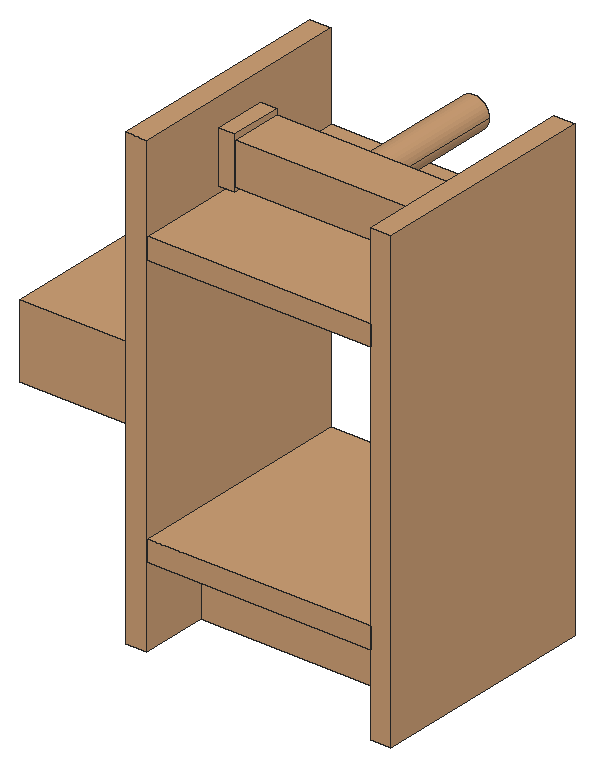
Revit family
Parameters
  Center Of Unit = 0' - 0"  # constant formula
  Water Pressure Drop [instance] = 0.00 psi
  Water Flow [instance] = 0 GPM
  Unit Weight (lbs) = 231
  URL = "http://www.ljwing.com/"
  Water Outlet Radius = 0' - 1 1/2"
  Water Outlet Odd sizes = 0' - 0"
  Total Heating Capacity [instance] = 0.0 Btu/h
  Temperature Rise [instance] = 0 °F
  Series = "VIFB"
  Outlet Area = 3.57 SF
  Number of Rows = 1  # constant formula
  Number of Coils [instance] = 0
  Nominal Length = 2' - 1 7/16"
  Model = "VA-2"
  Manufacturer = "LJ Wing"
  Leaving Water Temperature [instance] = 0 °F
  Leaving Air Temperature [instance] = 0 °F
  Face Velocity (FPM) [instance] = 0
  Entering Water Temperature [instance] = 0 °F
  Entering Air Temperature [instance] = 0 °F
  Description = "Vertical Integral Face & Bypass Water Heating Coils"
  Hot Water Odd Sizes = 0' - 0"
  Hot Water Inlet Offset = 0' - 4 3/8"  # constant formula
  Hot Water Inlet  Radius = 0' - 1 1/2"
  Coil Face Area = Outlet Area * 0.56  # 1.9992 SF
  Casing Material = ""
  Assembly Code = "D3020300"
  Air Pressure Drop [instance] = 0.00 in-wg
  Air Inlet Width = Nominal Length - 0' 4"  # 1' - 9 7/16"
  Air Inlet Height = Y  # 2' - 0"
  Air Flow [instance] = 0 CFM
  Z = 0' - 3 3/4"
  Y = 2' - 0"
  S = 0' - 9 3/4"
  Product URL = "http://www.ljwing.com/html/vifb.asp"
  OmniClass = "23-75 70 21 14"
  Nominal Height = 3' - 8"
  Nominal Depth = 1' - 10"
  R = 0' - 10 1/4"
  Q = 0' - 3 23/32"
  P = 0' - 5 1/8"
  L = 0' - 5 15/16"
Reference planes (in)
  plane 1 "Center (Front/Back)": y = 0
  plane 2: z = -12
  plane 3 "Center (Left/Right)": x = 0
  plane 4: z = 22.25
  plane 5: x = -12.71875
  plane 6: x = 12.71875
  plane 7: z = -21.75
  plane 8: z = 0
  plane 9: y = -11
  plane 10: y = 11
  plane 11: z = 12
  plane 12: z = 14
  plane 13: z = -14
  plane 14: x = 10.71875
  plane 15: x = -10.71875
  plane 16: z = 17.125
  plane 17: z = -15.8125
  plane 18: x = -9
  plane 19: x = 9
  plane 20: y = 14.75
  plane 21: y = 15.375
  plane 22: x = -23.71875
  plane 23: x = 0
  plane 24: x = 0
  plane 25: z = 19.125
  plane 26: z = 15.125
  plane 27: y = -2.5
  plane 28: y = 2.5
  plane 29: y = -4.5
Forms (in)
  Extrusion 1, solid, material "Painted Finish"
    sketch origin (0, 6, -9.75) x (1, 0, 0) y (0, 0, 1)
      loop
        line (-12.71875, -12) -> (-10.71875, -12) -> (-10.71875, 32) -> (-12.71875, 32) -> (-12.71875, -12)
      loop
        line (12.71875, -12) -> (12.71875, 32) -> (10.71875, 32) -> (10.71875, -12) -> (12.71875, -12)
    from -5 to 17
  Extrusion 2, solid, material "Painted Finish"
    sketch origin (0, 6, 0) x (1, 0, 0) y (0, 0, 1)
      loop
        line (10.71875, -12) -> (-10.71875, -12) -> (-10.71875, -14) -> (10.71875, -14) -> (10.71875, -12)
      loop
        line (10.71875, 12) -> (10.71875, 14) -> (-10.71875, 14) -> (-10.71875, 12) -> (10.71875, 12)
    from -5 to 17
  Extrusion 3, solid, material "Painted Finish"
    sketch origin (0, 10, -0.5) x (1, 0, 0) y (0, 0, 1)
      loop
        line (-12.71875, 4) -> (-23.71875, 4) -> (-23.71875, -3) -> (-12.71875, -3) -> (-12.71875, 4)
    from 0 to 20
  Extrusion 4, solid, material "Painted Finish"
    sketch origin (0, 6, 0) x (1, 0, 0) y (0, 0, 1)
      loop
        line (-9.09375, 19.125) -> (-9.09375, 15.125) -> (9.09375, 15.125) -> (9.09375, 19.125) -> (-9.09375, 19.125)
    from 3.5 to 8.5
  Extrusion 5, solid, material "Painted Finish"
    sketch origin (0, 0, 0) x (1, 0, 0) y (0, 0, 1)
      loop
        line (-9.09375, 14.625) -> (-9.09375, 19.625) -> (-10.71875, 19.625) -> (-10.71875, 14.625) -> (-9.09375, 14.625)
      loop
        line (10.71875, 14.625) -> (10.71875, 19.625) -> (9.09375, 19.625) -> (9.09375, 14.625) -> (10.71875, 14.625)
    from -2.5 to 2.5
  Extrusion 6, solid, material "Painted Finish"
    sketch origin (0, 23, 0) x (1, 0, 0) y (0, 0, 1)
      loop
        circle (0, 17.125) r 1.5
    from 8.25 to 20.5
  Extrusion 7, solid, material "Painted Finish"
    sketch origin (0, 6, 0) x (1, 0, 0) y (0, 0, 1)
      loop
        line (-10.71875, -14) -> (-10.71875, -21.75) -> (10.71875, -21.75) -> (10.71875, -14) -> (-10.71875, -14)
    from -5 to 10.5
  Extrusion 8, solid, material "Painted Finish"
    sketch origin (0, 23, 0) x (1, 0, 0) y (0, 0, 1)
      loop
        circle (0, -15.8125) r 1.5
    from 7.625 to 12
  Extrusion 9, void
    sketch origin (0, 0, 0) x (1, 0, 0) y (0, 0, 1)
      loop
        line (-10.71875, 12) -> (-10.71875, -12) -> (10.71875, -12) -> (10.71875, 12) -> (-10.71875, 12)
    from -11 to 11
Cuts and joins
  Extrusion 9 cuts Extrusion 1
  Extrusion 9 cuts Extrusion 2
Dimensions and locks (in)
  "Nominal Length": plane 6 to plane 5
  equal spacing: plane 6, plane 3 "Center (Left/Right)", plane 5
  "S": plane 2 to plane 7
  "Nominal Depth": plane 10 to plane 9
  equal spacing: plane 10, plane 1 "Center (Front/Back)", plane 9
  "Y": plane 11 to plane 2
  "R": plane 4 to plane 11
  locked: plane 12 to plane 11 at 2
  locked: plane 2 to plane 13 at 2
  "P": plane 4 to plane 16
  "L": plane 17 to plane 7
  "Q": plane 18 to plane 5
  "Q": plane 6 to plane 19
  "Z": plane 20 to plane 10
  "Hot Water Inlet Offset": plane 21 to plane 10
  locked: plane 5 to plane 22 at 11
  locked: Extrusion 3 sketch curve to Extrusion 3 sketch curve at 7
  locked: Extrusion 3 to Extrusion 3 at 20
  locked: plane 6 to plane 14 at 2
  locked: plane 15 to plane 5 at 2
  "Water Outlet Odd sizes": plane 23 to plane 3 "Center (Left/Right)"
  "Hot Water Odd Sizes": plane 3 "Center (Left/Right)" to plane 24
  equal spacing: plane 25, plane 16, plane 26
  locked: Extrusion 5 sketch curve to plane 25 at 0.5
  locked: plane 26 to Extrusion 5 sketch curve at 0.5
  locked: Extrusion 6 sketch curve to plane 16 at 0
  locked: Extrusion 6 sketch curve to plane 23 at 0
  locked: Extrusion 8 sketch curve to plane 17 at 0
  locked: Extrusion 8 sketch curve to plane 24 at 0
  locked: plane 25 to plane 26 at 4
  locked: plane 28 to plane 27 at 5
  equal spacing: plane 28, plane 1 "Center (Front/Back)", plane 27
  locked: plane 27 to plane 29 at 2
  plane 4 to plane 7 = 3' - 8"
  locked: Extrusion 5 sketch curve to Extrusion 1 at 1.625
  locked: Extrusion 5 sketch curve to Extrusion 5 sketch curve at 1.625
  locked: Extrusion 9 sketch curve to plane 11 at 0
  locked: Extrusion 9 sketch curve to plane 15 at 0
  locked: Extrusion 9 sketch curve to plane 14 at 0
  locked: Extrusion 9 sketch curve to plane 2 at 0
  equal spacing: plane 11, plane 8, plane 2
  "Water Outlet Radius": radius of Extrusion 6 sketch curve
  "Hot Water Inlet  Radius": radius of Extrusion 8 sketch curve
  aligned and locked: plane 9 to Extrusion 1
  aligned and locked: Extrusion 1 to plane 10
  aligned and locked: plane 15 to Extrusion 1
  aligned and locked: Extrusion 1 to plane 14
  aligned and locked: plane 9 to Extrusion 2
  aligned and locked: Extrusion 1 to plane 9
  aligned and locked: plane 10 to Extrusion 1  (x2)
  aligned and locked: Extrusion 2 to plane 10
  aligned and locked: plane 10 to Extrusion 2  (x2)
  aligned and locked: Extrusion 2 to plane 9  (x2)
  aligned and locked: plane 5 to Extrusion 3
  aligned and locked: Extrusion 5 sketch curve to plane 15
  aligned and locked: Extrusion 5 sketch curve to Extrusion 4
  aligned and locked: Extrusion 6 to plane 20
  aligned and locked: Extrusion 1 to Extrusion 7
  aligned and locked: plane 10 to Extrusion 8
  aligned and locked: Extrusion 8 to plane 21  (x2)
  aligned and locked: plane 27 to Extrusion 5
  aligned and locked: Extrusion 5 to Extrusion 4  (x2)
  aligned and locked: Extrusion 5 to plane 28
  aligned and locked: Extrusion 6 to Extrusion 4
  aligned and locked: plane 29 to Extrusion 7
  aligned and locked: Extrusion 8 to Extrusion 7
  aligned and locked: Extrusion 4 to Extrusion 5  (x2)
  aligned and locked: Extrusion 5 to Extrusion 1  (x2)
  aligned and locked: plane 2 to Extrusion 2
  aligned and locked: plane 6 to Extrusion 1 sketch curve
  aligned and locked: plane 14 to Extrusion 1 sketch curve
  aligned and locked: Extrusion 1 sketch curve to plane 15
  aligned and locked: Extrusion 1 sketch curve to plane 5
  aligned and locked: plane 7 to Extrusion 1 sketch curve  (x2)
  aligned and locked: Extrusion 1 sketch curve to plane 4  (x2)
  aligned and locked: Extrusion 2 sketch curve to plane 11
  aligned and locked: Extrusion 2 sketch curve to plane 12
  aligned and locked: Extrusion 2 sketch curve to plane 14  (x2)
  aligned and locked: Extrusion 2 sketch curve to plane 15  (x2)
  aligned and locked: Extrusion 2 sketch curve to plane 13
  aligned and locked: plane 2 to Extrusion 2 sketch curve
  aligned and locked: plane 13 to Extrusion 7 sketch curve
  aligned and locked: Extrusion 7 sketch curve to plane 7
  aligned and locked: Extrusion 7 sketch curve to plane 14
  aligned and locked: plane 15 to Extrusion 7 sketch curve
  aligned and locked: Extrusion 7 to plane 29
  aligned and locked: cut or joined group of Extrusion 1, Extrusion 9 to plane 10
Automatic sketch dimensions
  Extrusion 3 sketch curve to plane 22 = 0' - 0"
  Extrusion 3 sketch curve to plane 5 = 0' - 0"
  plane 8 to Extrusion 3 sketch curve = 0' - 3 1/2"
  Extrusion 4 sketch curve to plane 25 = 0' - 0"
  Extrusion 4 sketch curve to plane 26 = 0' - 0"
  Extrusion 4 sketch curve to plane 18 = 0' - 0 3/32"
  plane 19 to Extrusion 4 sketch curve = 0' - 0 3/32"
  plane 26 to Extrusion 5 sketch curve = 0' - 0 1/2"
  Extrusion 5 sketch curve to plane 25 = 0' - 0 1/2"
Connectors (in)
  hvac at (0, -11, 0), driven by "Air Inlet Height", driven by "Air Inlet Width", driven by "Air Flow", driven by "Air Pressure Drop"
    settings: on Extrusion 9, index 1
  hvac at (0, 11, 0), driven by "Air Pressure Drop", driven by "Air Inlet Height", driven by "Air Inlet Width", driven by "Air Flow"
    settings: on Extrusion 9, index 2
  piping at (0, 14.75, 17.125), driven by "Water Flow", driven by "Water Outlet Radius", driven by "Water Pressure Drop"
    settings: on Extrusion 6, index 3
  piping at (0, 15.375, -15.8125), driven by "Water Flow", driven by "Water Pressure Drop", driven by "Hot Water Inlet  Radius"
    settings: on Extrusion 8, index 4
